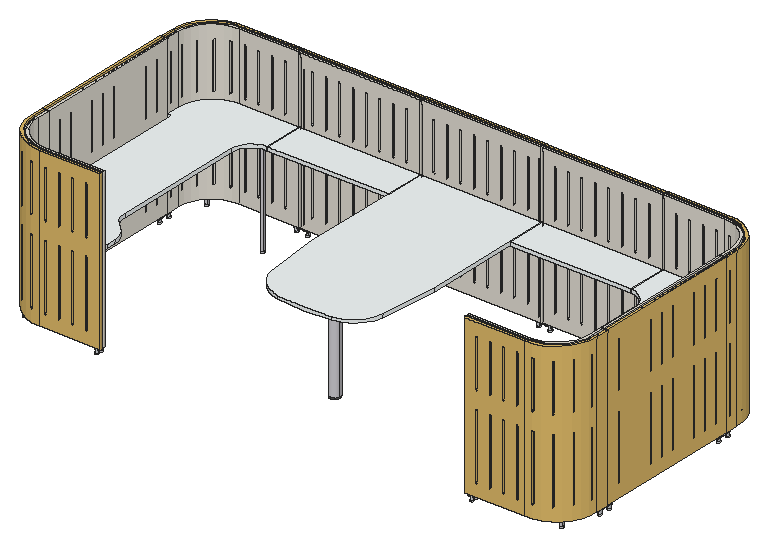
Revit family "1", category Furniture, Revit 2017 (continued)
Forms (mm)
  Extrusion 23, void
    sketch origin (4199.906, 0, 0) x (0, -1, 0) y (0, 0, -1)
      loop
        arc (-307.569, -629.983) -> (-300.068, -637.484) -> (-292.567, -629.983) r 7.501
      loop
        line (-192.567, -629.983) -> (-192.567, -150.07)
        arc (-192.567, -150.07) -> (-200.068, -142.568) -> (-207.569, -150.07) r 7.501
        line (-207.569, -150.07) -> (-207.569, -629.983)
        arc (-207.569, -629.983) -> (-200.068, -637.484) -> (-192.567, -629.983) r 7.501
      loop
        line (-92.567, -629.983) -> (-92.567, -150.07)
        arc (-92.567, -150.07) -> (-100.068, -142.568) -> (-107.569, -150.07) r 7.501
        line (-107.569, -150.07) -> (-107.569, -629.983)
        arc (-107.569, -629.983) -> (-100.068, -637.484) -> (-92.567, -629.983) r 7.501
      loop
        line (-492.499, -629.983) -> (-492.499, -150.07)
        arc (-492.499, -150.07) -> (-500, -142.568) -> (-507.501, -150.07) r 7.501
        line (-507.501, -150.07) -> (-507.501, -629.983)
        arc (-507.501, -629.983) -> (-500, -637.484) -> (-492.499, -629.983) r 7.501
      loop
        line (40.223, -629.983) -> (40.223, -150.07)
        arc (40.223, -150.07) -> (32.722, -142.568) -> (25.22, -150.07) r 7.501
        line (25.22, -150.07) -> (25.22, -629.983)
        arc (25.22, -629.983) -> (32.722, -637.484) -> (40.223, -629.983) r 7.501
      loop
        line (-992.503, -629.983) -> (-992.503, -150.07)
        arc (-992.503, -150.07) -> (-1000.005, -142.568) -> (-1007.506, -150.07) r 7.501
        line (-1007.506, -150.07) -> (-1007.506, -629.983)
        arc (-1007.506, -629.983) -> (-1000.005, -637.484) -> (-992.503, -629.983) r 7.501
      loop
        line (-1125.305, -629.983) -> (-1125.305, -150.07)
        arc (-1125.305, -150.07) -> (-1132.807, -142.568) -> (-1140.308, -150.07) r 7.501
        line (-1140.308, -150.07) -> (-1140.308, -629.983)
        arc (-1140.308, -629.983) -> (-1132.807, -637.484) -> (-1125.305, -629.983) r 7.501
      loop
        line (-592.499, -629.983) -> (-592.499, -150.07)
        arc (-592.499, -150.07) -> (-600, -142.568) -> (-607.501, -150.07) r 7.501
        line (-607.501, -150.07) -> (-607.501, -629.983)
        arc (-607.501, -629.983) -> (-600, -637.484) -> (-592.499, -629.983) r 7.501
      loop
        line (-692.431, -629.983) -> (-692.431, -150.07)
        arc (-692.431, -150.07) -> (-699.932, -142.568) -> (-707.434, -150.07) r 7.501
        line (-707.434, -150.07) -> (-707.434, -629.983)
        arc (-707.434, -629.983) -> (-699.932, -637.484) -> (-692.431, -629.983) r 7.501
      loop
        line (-792.431, -629.983) -> (-792.431, -150.07)
        arc (-792.431, -150.07) -> (-799.932, -142.568) -> (-807.434, -150.07) r 7.501
        line (-807.434, -150.07) -> (-807.434, -629.983)
        arc (-807.434, -629.983) -> (-799.932, -637.484) -> (-792.431, -629.983) r 7.501
      loop
        line (-892.363, -629.983) -> (-892.363, -150.07)
        arc (-892.363, -150.07) -> (-899.865, -142.568) -> (-907.366, -150.07) r 7.501
        line (-907.366, -150.07) -> (-907.366, -629.983)
        arc (-907.366, -629.983) -> (-899.865, -637.484) -> (-892.363, -629.983) r 7.501
      loop
        line (-392.567, -1115.004) -> (-392.567, -770.006)
        arc (-392.567, -770.006) -> (-400.068, -762.505) -> (-407.569, -770.006) r 7.501
        line (-407.569, -770.006) -> (-407.569, -1115.004)
        arc (-407.569, -1115.004) -> (-400.068, -1122.505) -> (-392.567, -1115.004) r 7.501
      loop
        line (-292.567, -1115.004) -> (-292.567, -770.006)
        arc (-292.567, -770.006) -> (-300.068, -762.505) -> (-307.569, -770.006) r 7.501
        line (-307.569, -770.006) -> (-307.569, -1115.004)
        arc (-307.569, -1115.004) -> (-300.068, -1122.505) -> (-292.567, -1115.004) r 7.501
      loop
        line (-192.567, -1115.004) -> (-192.567, -770.006)
        arc (-192.567, -770.006) -> (-200.068, -762.505) -> (-207.569, -770.006) r 7.501
        line (-207.569, -770.006) -> (-207.569, -1115.004)
        arc (-207.569, -1115.004) -> (-200.068, -1122.505) -> (-192.567, -1115.004) r 7.501
      loop
        line (-92.567, -1115.004) -> (-92.567, -770.006)
        arc (-92.567, -770.006) -> (-100.068, -762.505) -> (-107.569, -770.006) r 7.501
        line (-107.569, -770.006) -> (-107.569, -1115.004)
        arc (-107.569, -1115.004) -> (-100.068, -1122.505) -> (-92.567, -1115.004) r 7.501
      loop
        line (-492.499, -1115.004) -> (-492.499, -770.006)
        arc (-492.499, -770.006) -> (-500, -762.505) -> (-507.501, -770.006) r 7.501
        line (-507.501, -770.006) -> (-507.501, -1115.004)
        arc (-507.501, -1115.004) -> (-500, -1122.505) -> (-492.499, -1115.004) r 7.501
      loop
        line (40.223, -1115.004) -> (40.223, -770.006)
        arc (40.223, -770.006) -> (32.722, -762.505) -> (25.22, -770.006) r 7.501
        line (25.22, -770.006) -> (25.22, -1115.004)
        arc (25.22, -1115.004) -> (32.722, -1122.505) -> (40.223, -1115.004) r 7.501
      loop
        line (-992.503, -1115.004) -> (-992.503, -770.006)
        arc (-992.503, -770.006) -> (-1000.005, -762.505) -> (-1007.506, -770.006) r 7.501
        line (-1007.506, -770.006) -> (-1007.506, -1115.004)
        arc (-1007.506, -1115.004) -> (-1000.005, -1122.505) -> (-992.503, -1115.004) r 7.501
      loop
        line (-1125.305, -1115.004) -> (-1125.305, -770.006)
        arc (-1125.305, -770.006) -> (-1132.807, -762.505) -> (-1140.308, -770.006) r 7.501
        line (-1140.308, -770.006) -> (-1140.308, -1115.004)
        arc (-1140.308, -1115.004) -> (-1132.807, -1122.505) -> (-1125.305, -1115.004) r 7.501
      loop
        line (-592.499, -1115.004) -> (-592.499, -770.006)
        arc (-592.499, -770.006) -> (-600, -762.505) -> (-607.501, -770.006) r 7.501
        line (-607.501, -770.006) -> (-607.501, -1115.004)
        arc (-607.501, -1115.004) -> (-600, -1122.505) -> (-592.499, -1115.004) r 7.501
      loop
        line (-692.431, -1115.004) -> (-692.431, -770.006)
        arc (-692.431, -770.006) -> (-699.932, -762.505) -> (-707.434, -770.006) r 7.501
        line (-707.434, -770.006) -> (-707.434, -1115.004)
        arc (-707.434, -1115.004) -> (-699.932, -1122.505) -> (-692.431, -1115.004) r 7.501
      loop
        line (-792.431, -1115.004) -> (-792.431, -770.006)
        arc (-792.431, -770.006) -> (-799.932, -762.505) -> (-807.434, -770.006) r 7.501
        line (-807.434, -770.006) -> (-807.434, -1115.004)
        arc (-807.434, -1115.004) -> (-799.932, -1122.505) -> (-792.431, -1115.004) r 7.501
      loop
        line (-892.363, -1115.004) -> (-892.363, -770.006)
        arc (-892.363, -770.006) -> (-899.865, -762.505) -> (-907.366, -770.006) r 7.501
        line (-907.366, -770.006) -> (-907.366, -1115.004)
        arc (-907.366, -1115.004) -> (-899.865, -1122.505) -> (-892.363, -1115.004) r 7.501
    from -56.79 to 8.324
  Extrusion 24, void
    sketch origin (4265.193, 847.986, 0) x (0.207912, -0.978148, 0) y (0, 0, -1)
      loop
        line (-392.567, -629.983) -> (-392.567, -150.07)
        arc (-392.567, -150.07) -> (-400.068, -142.568) -> (-407.569, -150.07) r 7.501
        line (-407.569, -150.07) -> (-407.569, -629.983)
        arc (-407.569, -629.983) -> (-400.068, -637.484) -> (-392.567, -629.983) r 7.501
      loop
        line (-392.567, -1115.004) -> (-392.567, -770.006)
        arc (-392.567, -770.006) -> (-400.068, -762.505) -> (-407.569, -770.006) r 7.501
        line (-407.569, -770.006) -> (-407.569, -1115.004)
        arc (-407.569, -1115.004) -> (-400.068, -1122.505) -> (-392.567, -1115.004) r 7.501
    from -43.271 to 24.931
  Extrusion 25, void
    sketch origin (4368.413, 1019.125, 0) x (0.57794, -0.816079, 0) y (0, 0, -1)
      loop
        line (-392.567, -629.983) -> (-392.567, -150.07)
        arc (-392.567, -150.07) -> (-400.068, -142.568) -> (-407.569, -150.07) r 7.501
        line (-407.569, -150.07) -> (-407.569, -629.983)
        arc (-407.569, -629.983) -> (-400.068, -637.484) -> (-392.567, -629.983) r 7.501
      loop
        line (-392.567, -1115.004) -> (-392.567, -770.006)
        arc (-392.567, -770.006) -> (-400.068, -762.505) -> (-407.569, -770.006) r 7.501
        line (-407.569, -770.006) -> (-407.569, -1115.004)
        arc (-407.569, -1115.004) -> (-400.068, -1122.505) -> (-392.567, -1115.004) r 7.501
    from -36.752 to 27.862
  Extrusion 26, void
    sketch origin (4386.751, 1194.886, 0) x (0.825932, -0.56377, 0) y (0, 0, -1)
      loop
        line (-392.567, -629.983) -> (-392.567, -150.07)
        arc (-392.567, -150.07) -> (-400.068, -142.568) -> (-407.569, -150.07) r 7.501
        line (-407.569, -150.07) -> (-407.569, -629.983)
        arc (-407.569, -629.983) -> (-400.068, -637.484) -> (-392.567, -629.983) r 7.501
      loop
        line (-392.567, -1115.004) -> (-392.567, -770.006)
        arc (-392.567, -770.006) -> (-400.068, -762.505) -> (-407.569, -770.006) r 7.501
        line (-407.569, -770.006) -> (-407.569, -1115.004)
        arc (-407.569, -1115.004) -> (-400.068, -1122.505) -> (-392.567, -1115.004) r 7.501
    from -28.676 to 32.897
  Extrusion 27, void
    sketch origin (4345.694, 1377.752, 0) x (0.980211, -0.197958, 0) y (0, 0, -1)
      loop
        line (-392.567, -629.983) -> (-392.567, -150.07)
        arc (-392.567, -150.07) -> (-400.068, -142.568) -> (-407.569, -150.07) r 7.501
        line (-407.569, -150.07) -> (-407.569, -629.983)
        arc (-407.569, -629.983) -> (-400.068, -637.484) -> (-392.567, -629.983) r 7.501
      loop
        line (-392.567, -1115.004) -> (-392.567, -770.006)
        arc (-392.567, -770.006) -> (-400.068, -762.505) -> (-407.569, -770.006) r 7.501
        line (-407.569, -770.006) -> (-407.569, -1115.004)
        arc (-407.569, -1115.004) -> (-400.068, -1122.505) -> (-392.567, -1115.004) r 7.501
    from -22.878 to 41.663
  Extrusion 28, void
    sketch origin (4265.194, 252.004, 0) x (0.207912, 0.978148, 0) y (0, 0, 1)
      loop
        arc (-392.567, 629.983) -> (-400.068, 637.484) -> (-407.569, 629.983) r 7.501
        line (-407.569, 629.983) -> (-407.569, 150.07)
        arc (-407.569, 150.07) -> (-400.068, 142.568) -> (-392.567, 150.07) r 7.501
        line (-392.567, 150.07) -> (-392.567, 629.983)
      loop
        arc (-392.567, 1115.004) -> (-400.068, 1122.505) -> (-407.569, 1115.004) r 7.501
        line (-407.569, 1115.004) -> (-407.569, 770.006)
        arc (-407.569, 770.006) -> (-400.068, 762.505) -> (-392.567, 770.006) r 7.501
        line (-392.567, 770.006) -> (-392.567, 1115.004)
    from -43.271 to 24.931
  Extrusion 29, void
    sketch origin (4368.414, 80.865, 0) x (0.57794, 0.816079, 0) y (0, 0, 1)
      loop
        arc (-392.567, 629.983) -> (-400.068, 637.484) -> (-407.569, 629.983) r 7.501
        line (-407.569, 629.983) -> (-407.569, 150.07)
        arc (-407.569, 150.07) -> (-400.068, 142.568) -> (-392.567, 150.07) r 7.501
        line (-392.567, 150.07) -> (-392.567, 629.983)
      loop
        arc (-392.567, 1115.004) -> (-400.068, 1122.505) -> (-407.569, 1115.004) r 7.501
        line (-407.569, 1115.004) -> (-407.569, 770.07)
        arc (-407.569, 770.07) -> (-400.068, 762.568) -> (-392.567, 770.07) r 7.501
        line (-392.567, 770.07) -> (-392.567, 1115.004)
    from -36.752 to 27.862
  Extrusion 30, void
    sketch origin (4386.752, -94.896, 0) x (0.825932, 0.56377, 0) y (0, 0, 1)
      loop
        arc (-392.567, 629.983) -> (-400.068, 637.484) -> (-407.569, 629.983) r 7.501
        line (-407.569, 629.983) -> (-407.569, 150.07)
        arc (-407.569, 150.07) -> (-400.068, 142.568) -> (-392.567, 150.07) r 7.501
        line (-392.567, 150.07) -> (-392.567, 629.983)
      loop
        arc (-392.567, 1115.004) -> (-400.068, 1122.505) -> (-407.569, 1115.004) r 7.501
        line (-407.569, 1115.004) -> (-407.569, 770.006)
        arc (-407.569, 770.006) -> (-400.068, 762.505) -> (-392.567, 770.006) r 7.501
        line (-392.567, 770.006) -> (-392.567, 1115.004)
    from -28.676 to 32.897
  Extrusion 31, void
    sketch origin (4345.695, -277.762, 0) x (0.980211, 0.197958, 0) y (0, 0, 1)
      loop
        arc (-392.567, 629.983) -> (-400.068, 637.484) -> (-407.569, 629.983) r 7.501
        line (-407.569, 629.983) -> (-407.569, 150.07)
        arc (-407.569, 150.07) -> (-400.068, 142.568) -> (-392.567, 150.07) r 7.501
        line (-392.567, 150.07) -> (-392.567, 629.983)
      loop
        arc (-392.567, 1115.004) -> (-400.068, 1122.505) -> (-407.569, 1115.004) r 7.501
        line (-407.569, 1115.004) -> (-407.569, 770.006)
        arc (-407.569, 770.006) -> (-400.068, 762.505) -> (-392.567, 770.006) r 7.501
        line (-392.567, 770.006) -> (-392.567, 1115.004)
    from -22.878 to 41.663
  Extrusion 32, solid, material "okm_MG99" <- "Desktop"
    sketch origin (-3418.497, -2410.034, 0) x (1, 0, 0) y (0, 1, 0)
      loop
        line (4168.497, 3560.034) -> (5068.497, 3560.034) -> (5068.497, 3860.034) -> (4168.497, 3860.034) -> (4168.497, 3560.034)
      loop
        line (5968.497, 3560.034) -> (6868.497, 3560.034) -> (6868.497, 3860.034) -> (5968.497, 3860.034) -> (5968.497, 3560.034)
    from 695 to 720
  Extrusion 33, solid, material "okm_Z637" <- "Leg"
    sketch origin (900.026, -3157.951, 0) x (-1, 0, 0) y (0, -1, 0)
      loop
        circle (-1200, -3250) r 38
    from 12.083 to 695
  Extrusion 34, solid, material "okm_G155"
    sketch origin (900.026, -3157.951, -715) x (-1, 0, 0) y (0, -1, 0)
      loop
        circle (-1200, -3250) r 38
    from 715 to 727.083
Cuts and joins
  Extrusion 7, Extrusion 8, Extrusion 9, Extrusion 10, Extrusion 11, Extrusion 12, Extrusion 18, Extrusion 19, Extrusion 20, Extrusion 21, Extrusion 22, Extrusion 23, Extrusion 24, Extrusion 25, Extrusion 26, Extrusion 27, Extrusion 28, Extrusion 29, Extrusion 30, Extrusion 31 cuts Extrusion 1
  Extrusion 7, Extrusion 8, Extrusion 9, Extrusion 10, Extrusion 11, Extrusion 12, Extrusion 18, Extrusion 19, Extrusion 20, Extrusion 21, Extrusion 22, Extrusion 23, Extrusion 24, Extrusion 25, Extrusion 26, Extrusion 27, Extrusion 28, Extrusion 29, Extrusion 30, Extrusion 31 cuts Extrusion 15
Lines and regions (mm)
  Masking region 1
    outline origin (-5448.528, 3465.819, 0) x (1, 0, 0) y (0, 1, 0)
      loop
        line (6198.528, -1965.819) -> (5748.528, -1965.819)
        arc (5748.528, -1965.819) -> (5536.395, -2053.687) -> (5448.528, -2265.819) r 300
        line (5448.528, -2265.819) -> (5448.528, -2365.819) -> (5448.528, -3465.819) -> (5448.528, -3565.819)
        arc (5448.528, -3565.819) -> (5536.395, -3777.951) -> (5748.528, -3865.819) r 300
        line (5748.528, -3865.819) -> (6198.528, -3865.819) -> (6198.528, -3847.819) -> (6173.528, -3847.819) -> (6173.528, -3833.819) -> (6198.528, -3833.819) -> (6198.528, -3815.819) -> (6178.588, -3815.819)
        arc (6178.588, -3815.819) -> (6192.691, -3809.94) -> (6198.528, -3795.819) r 20
        line (6198.528, -3795.819) -> (6198.528, -3727.951)
        arc (6198.528, -3727.951) -> (6187.109, -3670.549) -> (6154.594, -3621.885) r 150
        line (6154.594, -3621.885) -> (6092.461, -3559.753)
        arc (6092.461, -3559.753) -> (6059.946, -3511.09) -> (6048.528, -3453.687) r 150
        line (6048.528, -3453.687) -> (6048.528, -2465.819)
        arc (6048.528, -2465.819) -> (6092.461, -2359.753) -> (6198.528, -2315.819) r 150
        line (6198.528, -2315.819) -> (7098.528, -2315.819) -> (7098.528, -2613.819)
        arc (7098.528, -2613.819) -> (7108.2, -3030.656) -> (7137.254, -3446.591) r 8960.318
        arc (7137.254, -3446.591) -> (7209.909, -3582.32) -> (7348.309, -3649.746) r 250
        arc (7348.309, -3649.746) -> (7548.528, -3663.819) -> (7748.746, -3649.746) r 1431.25
        arc (7748.746, -3649.746) -> (7887.146, -3582.32) -> (7959.801, -3446.591) r 250
        arc (7959.801, -3446.591) -> (7988.855, -3030.656) -> (7998.528, -2613.819) r 8960.318
        line (7998.528, -2613.819) -> (7998.528, -2315.819) -> (8898.528, -2315.819)
        arc (8898.528, -2315.819) -> (9004.594, -2359.753) -> (9048.528, -2465.819) r 150
        line (9048.528, -2465.819) -> (9048.528, -3453.687)
        arc (9048.528, -3453.687) -> (9037.109, -3511.09) -> (9004.594, -3559.753) r 150
        line (9004.594, -3559.753) -> (8942.461, -3621.885)
        arc (8942.461, -3621.885) -> (8909.946, -3670.549) -> (8898.528, -3727.951) r 150
        line (8898.528, -3727.951) -> (8898.528, -3795.819)
        arc (8898.528, -3795.819) -> (8904.385, -3809.961) -> (8918.527, -3815.819) r 20
        line (8918.527, -3815.819) -> (8898.528, -3815.819) -> (8898.528, -3833.819) -> (8923.528, -3833.819) -> (8923.528, -3847.819) -> (8898.528, -3847.819) -> (8898.528, -3865.819) -> (9348.528, -3865.819)
        arc (9348.528, -3865.819) -> (9560.66, -3777.951) -> (9648.528, -3565.819) r 300
        line (9648.528, -3565.819) -> (9648.528, -3465.819) -> (9648.528, -2365.819) -> (9648.528, -2265.819)
        arc (9648.528, -2265.819) -> (9560.66, -2053.687) -> (9348.528, -1965.819) r 300
        line (9348.528, -1965.819) -> (8898.528, -1965.819) -> (7998.528, -1965.819) -> (7098.528, -1965.819) -> (6198.528, -1965.819)
  symbolic lines, style "okm_標準・詳細", detail levels medium+fine
    curve 1: line (750, 1482, 0) -> (750, 1500, 0)
    curve 2: line (725, 1482, 0) -> (725, 1468, 0)
    curve 3: line (750, 1450, 0) -> (750, 1468, 0)
    curve 4: line (775, 1482, 0) -> (775, 1468, 0)
    curve 5: line (1650, 1450, 0) -> (750, 1450, 0)
    curve 6: line (1650, 1468, 0) -> (750, 1468, 0)
    curve 7: line (1650, 1482, 0) -> (750, 1482, 0)
    curve 8: line (1650, 1500, 0) -> (750, 1500, 0)
    curve 9: line (750, 1500, 0) -> (300, 1500, 0)
    curve 10: line (300, 1482, 0) -> (750, 1482, 0)
    curve 11: line (750, 1468, 0) -> (300, 1468, 0)
    curve 12: line (300, 1450, 0) -> (750, 1450, 0)
    curve 13: line (750, 1450, 0) -> (750, 1150, 0)
    curve 14: arc (300, 1450, 0) -> (123.223, 1376.777, 0) -> (50, 1200, 0) r 250
    curve 15: arc (300, 1468, 0) -> (110.495, 1389.505, 0) -> (32, 1200, 0) r 268
    curve 16: arc (300, 1500, 0) -> (87.868, 1412.132, 0) -> (0, 1200, 0) r 300
    curve 17: arc (300, 1482, 0) -> (100.596, 1399.404, 0) -> (18, 1200, 0) r 282
    curve 18: line (50, 1100, 0) -> (50, 1200, 0)
    curve 19: line (32, 1200, 0) -> (32, 1100, 0)
    curve 20: line (18, 1100, 0) -> (18, 1200, 0)
    curve 21: line (0, 1100, 0) -> (0, 1200, 0)
    curve 22: line (32, 1100, 0) -> (50, 1100, 0)
    curve 23: line (18, 1100, 0) -> (0, 1100, 0)
    curve 24: line (0, 0, 0) -> (0, 1100, 0)
    curve 25: line (18, 0, 0) -> (18, 1100, 0)
    curve 26: line (32, 1100, 0) -> (32, 0, 0)
    curve 27: line (50, 0, 0) -> (50, 1100, 0)
    curve 28: line (75, 1090.065, 0) -> (50, 1090.065, 0)
    curve 29: arc (90, 1075.065, 0) -> (85.607, 1085.672, 0) -> (75, 1090.065, 0) r 15
    curve 30: line (90, 24.935, 0) -> (90, 1075.065, 0)
    curve 31: arc (750, 1150, 0) -> (643.934, 1106.066, 0) -> (600, 1000, 0) r 150
    curve 32: line (600, 12.132, 0) -> (600, 1000, 0)
    curve 33: line (750, 1150, 0) -> (1650, 1150, 0)
    curve 34: line (75, 9.935, 0) -> (50, 9.935, 0)
    curve 35: arc (75, 9.935, 0) -> (85.607, 14.328, 0) -> (90, 24.935, 0) r 15
    curve 36: line (32, 0, 0) -> (50, 0, 0)
    curve 37: line (0, 0, 0) -> (18, 0, 0)
    curve 38: line (0, -100, 0) -> (0, 0, 0)
    curve 39: line (18, -100, 0) -> (18, 0, 0)
    curve 40: line (50, 0, 0) -> (50, -100, 0)
    curve 41: line (32, -100, 0) -> (32, 0, 0)
    curve 42: arc (50, -100, 0) -> (123.223, -276.777, 0) -> (300, -350, 0) r 250
    curve 43: arc (32, -100, 0) -> (110.495, -289.505, 0) -> (300, -368, 0) r 268
    curve 44: arc (18, -100, 0) -> (100.596, -299.404, 0) -> (300, -382, 0) r 282
    curve 45: arc (0, -100, 0) -> (87.868, -312.132, 0) -> (300, -400, 0) r 300
    curve 46: line (750, -400, 0) -> (300, -400, 0)
    curve 47: line (300, -382, 0) -> (750, -382, 0)
    curve 48: line (750, -368, 0) -> (300, -368, 0)
    curve 49: line (300, -350, 0) -> (750, -350, 0)
    curve 50: line (750, -382, 0) -> (750, -400, 0)
    curve 51: line (725, -368, 0) -> (725, -382, 0)
    curve 52: line (750, -350, 0) -> (750, -368, 0)
    curve 53: arc (730, -350, 0) -> (744.142, -344.142, 0) -> (750, -330, 0) r 20
    curve 54: line (750, -330, 0) -> (750, -262.132, 0)
    curve 55: arc (750, -262.132, 0) -> (738.582, -204.73, 0) -> (706.066, -156.066, 0) r 150
    curve 56: line (706.066, -156.066, 0) -> (643.934, -93.934, 0)
    curve 57: line (600, 12.132, 0) -> (600, 1000, 0)
    curve 58: arc (600, 12.132, 0) -> (611.418, -45.271, 0) -> (643.934, -93.934, 0) r 150
    curve 59: arc (1688.726, 19.228, 0) -> (1659.673, 435.163, 0) -> (1650, 852, 0) r 8960.318
    curve 60: line (1650, 852, 0) -> (1650, 1450, 0)
    curve 61: arc (1899.782, -183.927, 0) -> (1761.381, -116.501, 0) -> (1688.726, 19.228, 0) r 250
    curve 62: arc (2300.218, -183.927, 0) -> (2100, -198, 0) -> (1899.782, -183.927, 0) r 1431.25
    curve 63: arc (2511.274, 19.228, 0) -> (2438.619, -116.501, 0) -> (2300.218, -183.927, 0) r 250
    curve 64: arc (2550, 852, 0) -> (2540.327, 435.163, 0) -> (2511.274, 19.228, 0) r 8960.318
    curve 65: line (2550, 1450, 0) -> (2550, 852, 0)
    curve 66: line (1625, 1482, 0) -> (1625, 1468, 0)
    curve 67: line (1650, 1450, 0) -> (1650, 1468, 0)
    curve 68: line (1650, 1500, 0) -> (1650, 1482, 0)
    curve 69: line (1675, 1482, 0) -> (1675, 1468, 0)
    curve 70: line (2550, 1450, 0) -> (1650, 1450, 0)
    curve 71: line (1650, 1468, 0) -> (2550, 1468, 0)
    curve 72: line (2550, 1482, 0) -> (1650, 1482, 0)
    curve 73: line (2550, 1500, 0) -> (1650, 1500, 0)
    curve 74: line (3450, 1150, 0) -> (2550, 1150, 0)
    curve 75: line (2550, 1500, 0) -> (2550, 1482, 0)
    curve 76: line (2525, 1482, 0) -> (2525, 1468, 0)
    curve 77: line (2550, 1468, 0) -> (2550, 1450, 0)
    curve 78: line (2575, 1482, 0) -> (2575, 1468, 0)
    curve 79: line (3450, 1450, 0) -> (2550, 1450, 0)
    curve 80: line (2550, 1468, 0) -> (3450, 1468, 0)
    curve 81: line (3450, 1482, 0) -> (2550, 1482, 0)
    curve 82: line (3450, 1500, 0) -> (2550, 1500, 0)
    curve 83: line (3450, 1450, 0) -> (3450, 1150, 0)
    curve 84: line (3450, 1468, 0) -> (3450, 1450, 0)
    curve 85: line (3425, 1482, 0) -> (3425, 1468, 0)
    curve 86: line (3450, 1482, 0) -> (3450, 1500, 0)
    curve 87: line (3475, 1482, 0) -> (3475, 1468, 0)
    curve 88: line (3900, 1450, 0) -> (3450, 1450, 0)
    curve 89: line (3450, 1468, 0) -> (3900, 1468, 0)
    curve 90: line (3900, 1482, 0) -> (3450, 1482, 0)
    curve 91: line (3450, 1500, 0) -> (3900, 1500, 0)
    curve 92: arc (3600, 1000, 0) -> (3556.066, 1106.066, 0) -> (3450, 1150, 0) r 150
    curve 93: line (3600, 12.132, 0) -> (3600, 1000, 0)
    curve 94: arc (4150, 1200, 0) -> (4076.777, 1376.777, 0) -> (3900, 1450, 0) r 250
    curve 95: arc (4168, 1200, 0) -> (4089.505, 1389.505, 0) -> (3900, 1468, 0) r 268
    curve 96: arc (4182, 1200, 0) -> (4099.404, 1399.404, 0) -> (3900, 1482, 0) r 282
    curve 97: arc (4200, 1200, 0) -> (4112.132, 1412.132, 0) -> (3900, 1500, 0) r 300
    curve 98: line (4200, 1100, 0) -> (4200, 1200, 0)
    curve 99: line (4182, 1100, 0) -> (4182, 1200, 0)
    curve 100: line (4168, 1200, 0) -> (4168, 1100, 0)
    curve 101: line (4150, 1100, 0) -> (4150, 1200, 0)
    curve 102: line (4182, 1100, 0) -> (4200, 1100, 0)
    curve 103: line (4168, 1100, 0) -> (4150, 1100, 0)
    curve 104: line (4125, 1090.065, 0) -> (4150, 1090.065, 0)
    curve 105: arc (4125, 1090.065, 0) -> (4114.393, 1085.672, 0) -> (4110, 1075.065, 0) r 15
    curve 106: line (4110, 24.935, 0) -> (4110, 1075.065, 0)
    curve 107: line (4150, 0, 0) -> (4150, 1100, 0)
    curve 108: line (4168, 1100, 0) -> (4168, 0, 0)
    curve 109: line (4182, 0, 0) -> (4182, 1100, 0)
    curve 110: line (4200, 0, 0) -> (4200, 1100, 0)
    curve 111: arc (3556.066, -93.934, 0) -> (3588.582, -45.271, 0) -> (3600, 12.132, 0) r 150
    curve 112: line (3493.934, -156.066, 0) -> (3556.066, -93.934, 0)
    curve 113: arc (3493.934, -156.066, 0) -> (3461.418, -204.73, 0) -> (3450, -262.132, 0) r 150
    curve 114: line (3450, -330, 0) -> (3450, -262.132, 0)
    curve 115: arc (4110, 24.935, 0) -> (4114.393, 14.328, 0) -> (4125, 9.935, 0) r 15
    curve 116: line (4125, 9.935, 0) -> (4150, 9.935, 0)
    curve 117: line (4168, 0, 0) -> (4150, 0, 0)
    curve 118: line (4200, 0, 0) -> (4182, 0, 0)
    curve 119: arc (3450, -330, 0) -> (3455.858, -344.142, 0) -> (3470, -350, 0) r 20
    curve 120: line (3900, -350, 0) -> (3450, -350, 0)
    curve 121: line (3450, -350, 0) -> (3450, -368, 0)
    curve 122: line (3450, -368, 0) -> (3900, -368, 0)
    curve 123: line (3475, -368, 0) -> (3475, -382, 0)
    curve 124: line (3900, -382, 0) -> (3450, -382, 0)
    curve 125: line (3450, -382, 0) -> (3450, -400, 0)
    curve 126: line (3450, -400, 0) -> (3900, -400, 0)
    curve 127: arc (3900, -400, 0) -> (4112.132, -312.132, 0) -> (4200, -100, 0) r 300
    curve 128: arc (3900, -382, 0) -> (4099.404, -299.404, 0) -> (4182, -100, 0) r 282
    curve 129: arc (3900, -368, 0) -> (4089.505, -289.505, 0) -> (4168, -100, 0) r 268
    curve 130: arc (3900, -350, 0) -> (4076.777, -276.777, 0) -> (4150, -100, 0) r 250
    curve 131: line (4200, -100, 0) -> (4200, 0, 0)
    curve 132: line (4182, -100, 0) -> (4182, 0, 0)
    curve 133: line (4168, 0, 0) -> (4168, -100, 0)
    curve 134: line (4150, -100, 0) -> (4150, 0, 0)
  symbolic lines, style "okm_簡略", detail levels coarse
    curve 135: line (750, 1482, 0) -> (750, 1500, 0)
    curve 136: line (725, 1482, 0) -> (725, 1468, 0)
    curve 137: line (750, 1450, 0) -> (750, 1468, 0)
    curve 138: line (775, 1482, 0) -> (775, 1468, 0)
    curve 139: line (1650, 1450, 0) -> (750, 1450, 0)
    curve 140: line (1650, 1468, 0) -> (750, 1468, 0)
    curve 141: line (1650, 1482, 0) -> (750, 1482, 0)
    curve 142: line (1650, 1500, 0) -> (750, 1500, 0)
    curve 143: line (750, 1500, 0) -> (300, 1500, 0)
    curve 144: line (300, 1482, 0) -> (750, 1482, 0)
    curve 145: line (750, 1468, 0) -> (300, 1468, 0)
    curve 146: line (300, 1450, 0) -> (750, 1450, 0)
    curve 147: line (750, 1450, 0) -> (750, 1150, 0)
    curve 148: arc (300, 1450, 0) -> (123.223, 1376.777, 0) -> (50, 1200, 0) r 250
    curve 149: arc (300, 1468, 0) -> (110.495, 1389.505, 0) -> (32, 1200, 0) r 268
    curve 150: arc (300, 1500, 0) -> (87.868, 1412.132, 0) -> (0, 1200, 0) r 300
    curve 151: arc (300, 1482, 0) -> (100.596, 1399.404, 0) -> (18, 1200, 0) r 282
    curve 152: line (50, 1100, 0) -> (50, 1200, 0)
    curve 153: line (32, 1200, 0) -> (32, 1100, 0)
    curve 154: line (18, 1100, 0) -> (18, 1200, 0)
    curve 155: line (0, 1100, 0) -> (0, 1200, 0)
    curve 156: line (32, 1100, 0) -> (50, 1100, 0)
    curve 157: line (18, 1100, 0) -> (0, 1100, 0)
    curve 158: line (0, 0, 0) -> (0, 1100, 0)
    curve 159: line (18, 0, 0) -> (18, 1100, 0)
    curve 160: line (32, 1100, 0) -> (32, 0, 0)
    curve 161: line (50, 0, 0) -> (50, 1100, 0)
    curve 162: line (75, 1090.065, 0) -> (50, 1090.065, 0)
    curve 163: arc (90, 1075.065, 0) -> (85.607, 1085.672, 0) -> (75, 1090.065, 0) r 15
    curve 164: line (90, 24.935, 0) -> (90, 1075.065, 0)
    curve 165: arc (750, 1150, 0) -> (643.934, 1106.066, 0) -> (600, 1000, 0) r 150
    curve 166: line (600, 12.132, 0) -> (600, 1000, 0)
    curve 167: line (750, 1150, 0) -> (1650, 1150, 0)
    curve 168: line (75, 9.935, 0) -> (50, 9.935, 0)
    curve 169: arc (75, 9.935, 0) -> (85.607, 14.328, 0) -> (90, 24.935, 0) r 15
    curve 170: line (32, 0, 0) -> (50, 0, 0)
    curve 171: line (0, 0, 0) -> (18, 0, 0)
    curve 172: line (0, -100, 0) -> (0, 0, 0)
    curve 173: line (18, -100, 0) -> (18, 0, 0)
    curve 174: line (50, 0, 0) -> (50, -100, 0)
    curve 175: line (32, -100, 0) -> (32, 0, 0)
    curve 176: arc (50, -100, 0) -> (123.223, -276.777, 0) -> (300, -350, 0) r 250
    curve 177: arc (32, -100, 0) -> (110.495, -289.505, 0) -> (300, -368, 0) r 268
    curve 178: arc (18, -100, 0) -> (100.596, -299.404, 0) -> (300, -382, 0) r 282
    curve 179: arc (0, -100, 0) -> (87.868, -312.132, 0) -> (300, -400, 0) r 300
    curve 180: line (750, -400, 0) -> (300, -400, 0)
    curve 181: line (300, -382, 0) -> (750, -382, 0)
    curve 182: line (750, -368, 0) -> (300, -368, 0)
    curve 183: line (300, -350, 0) -> (750, -350, 0)
    curve 184: line (750, -382, 0) -> (750, -400, 0)
    curve 185: line (725, -368, 0) -> (725, -382, 0)
    curve 186: line (750, -350, 0) -> (750, -368, 0)
    curve 187: arc (730, -350, 0) -> (744.142, -344.142, 0) -> (750, -330, 0) r 20
    curve 188: line (750, -330, 0) -> (750, -262.132, 0)
    curve 189: arc (750, -262.132, 0) -> (738.582, -204.73, 0) -> (706.066, -156.066, 0) r 150
    curve 190: line (706.066, -156.066, 0) -> (643.934, -93.934, 0)
    curve 191: line (600, 12.132, 0) -> (600, 1000, 0)
    curve 192: arc (600, 12.132, 0) -> (611.418, -45.271, 0) -> (643.934, -93.934, 0) r 150
    curve 193: arc (1688.726, 19.228, 0) -> (1659.673, 435.163, 0) -> (1650, 852, 0) r 8960.318
    curve 194: line (1650, 852, 0) -> (1650, 1450, 0)
    curve 195: arc (1899.782, -183.927, 0) -> (1761.381, -116.501, 0) -> (1688.726, 19.228, 0) r 250
    curve 196: arc (2300.218, -183.927, 0) -> (2100, -198, 0) -> (1899.782, -183.927, 0) r 1431.25
    curve 197: arc (2511.274, 19.228, 0) -> (2438.619, -116.501, 0) -> (2300.218, -183.927, 0) r 250
    curve 198: arc (2550, 852, 0) -> (2540.327, 435.163, 0) -> (2511.274, 19.228, 0) r 8960.318
    curve 199: line (2550, 1450, 0) -> (2550, 852, 0)
    curve 200: line (1625, 1482, 0) -> (1625, 1468, 0)
    curve 201: line (1650, 1450, 0) -> (1650, 1468, 0)
    curve 202: line (1650, 1500, 0) -> (1650, 1482, 0)
    curve 203: line (1675, 1482, 0) -> (1675, 1468, 0)
    curve 204: line (2550, 1450, 0) -> (1650, 1450, 0)
    curve 205: line (1650, 1468, 0) -> (2550, 1468, 0)
    curve 206: line (2550, 1482, 0) -> (1650, 1482, 0)
    curve 207: line (2550, 1500, 0) -> (1650, 1500, 0)
    curve 208: line (3450, 1150, 0) -> (2550, 1150, 0)
    curve 209: line (2550, 1500, 0) -> (2550, 1482, 0)
    curve 210: line (2525, 1482, 0) -> (2525, 1468, 0)
    curve 211: line (2550, 1468, 0) -> (2550, 1450, 0)
    curve 212: line (2575, 1482, 0) -> (2575, 1468, 0)
    curve 213: line (3450, 1450, 0) -> (2550, 1450, 0)
    curve 214: line (2550, 1468, 0) -> (3450, 1468, 0)
    curve 215: line (3450, 1482, 0) -> (2550, 1482, 0)
    curve 216: line (3450, 1500, 0) -> (2550, 1500, 0)
    curve 217: line (3450, 1450, 0) -> (3450, 1150, 0)
    curve 218: line (3450, 1468, 0) -> (3450, 1450, 0)
    curve 219: line (3425, 1482, 0) -> (3425, 1468, 0)
    curve 220: line (3450, 1482, 0) -> (3450, 1500, 0)
    curve 221: line (3475, 1482, 0) -> (3475, 1468, 0)
    curve 222: line (3900, 1450, 0) -> (3450, 1450, 0)
    curve 223: line (3450, 1468, 0) -> (3900, 1468, 0)
    curve 224: line (3900, 1482, 0) -> (3450, 1482, 0)
    curve 225: line (3450, 1500, 0) -> (3900, 1500, 0)
    curve 226: arc (3600, 1000, 0) -> (3556.066, 1106.066, 0) -> (3450, 1150, 0) r 150
    curve 227: line (3600, 12.132, 0) -> (3600, 1000, 0)
    curve 228: arc (4150, 1200, 0) -> (4076.777, 1376.777, 0) -> (3900, 1450, 0) r 250
    curve 229: arc (4168, 1200, 0) -> (4089.505, 1389.505, 0) -> (3900, 1468, 0) r 268
    curve 230: arc (4182, 1200, 0) -> (4099.404, 1399.404, 0) -> (3900, 1482, 0) r 282
    curve 231: arc (4200, 1200, 0) -> (4112.132, 1412.132, 0) -> (3900, 1500, 0) r 300
    curve 232: line (4200, 1100, 0) -> (4200, 1200, 0)
    curve 233: line (4182, 1100, 0) -> (4182, 1200, 0)
    curve 234: line (4168, 1200, 0) -> (4168, 1100, 0)
    curve 235: line (4150, 1100, 0) -> (4150, 1200, 0)
    curve 236: line (4182, 1100, 0) -> (4200, 1100, 0)
    curve 237: line (4168, 1100, 0) -> (4150, 1100, 0)
    curve 238: line (4125, 1090.065, 0) -> (4150, 1090.065, 0)
    curve 239: arc (4125, 1090.065, 0) -> (4114.393, 1085.672, 0) -> (4110, 1075.065, 0) r 15
    curve 240: line (4110, 24.935, 0) -> (4110, 1075.065, 0)
    curve 241: line (4150, 0, 0) -> (4150, 1100, 0)
    curve 242: line (4168, 1100, 0) -> (4168, 0, 0)
    curve 243: line (4182, 0, 0) -> (4182, 1100, 0)
    curve 244: line (4200, 0, 0) -> (4200, 1100, 0)
    curve 245: arc (3556.066, -93.934, 0) -> (3588.582, -45.271, 0) -> (3600, 12.132, 0) r 150
    curve 246: line (3493.934, -156.066, 0) -> (3556.066, -93.934, 0)
    curve 247: arc (3493.934, -156.066, 0) -> (3461.418, -204.73, 0) -> (3450, -262.132, 0) r 150
    curve 248: line (3450, -330, 0) -> (3450, -262.132, 0)
    curve 249: arc (4110, 24.935, 0) -> (4114.393, 14.328, 0) -> (4125, 9.935, 0) r 15
    curve 250: line (4125, 9.935, 0) -> (4150, 9.935, 0)
    curve 251: line (4168, 0, 0) -> (4150, 0, 0)
    curve 252: line (4200, 0, 0) -> (4182, 0, 0)
    curve 253: arc (3450, -330, 0) -> (3455.858, -344.142, 0) -> (3470, -350, 0) r 20
    curve 254: line (3900, -350, 0) -> (3450, -350, 0)
    curve 255: line (3450, -350, 0) -> (3450, -368, 0)
    curve 256: line (3450, -368, 0) -> (3900, -368, 0)
    curve 257: line (3475, -368, 0) -> (3475, -382, 0)
    curve 258: line (3900, -382, 0) -> (3450, -382, 0)
    curve 259: line (3450, -382, 0) -> (3450, -400, 0)
    curve 260: line (3450, -400, 0) -> (3900, -400, 0)
    curve 261: arc (3900, -400, 0) -> (4112.132, -312.132, 0) -> (4200, -100, 0) r 300
    curve 262: arc (3900, -382, 0) -> (4099.404, -299.404, 0) -> (4182, -100, 0) r 282
    curve 263: arc (3900, -368, 0) -> (4089.505, -289.505, 0) -> (4168, -100, 0) r 268
    curve 264: arc (3900, -350, 0) -> (4076.777, -276.777, 0) -> (4150, -100, 0) r 250
    curve 265: line (4200, -100, 0) -> (4200, 0, 0)
    curve 266: line (4182, -100, 0) -> (4182, 0, 0)
    curve 267: line (4168, 0, 0) -> (4168, -100, 0)
    curve 268: line (4150, -100, 0) -> (4150, 0, 0)
Dimensions and locks
  "H": plane 5 "Top" to level
  plane 8 to plane 1 "Front" = 50.0 mm
  plane 6 "Back" to plane 7 = 50.0 mm
  "D": plane 3 "Left" to plane 4 "Right"
  "W": plane 1 "Front" to plane 6 "Back"
  aligned and locked: level to plane 2
Automatic sketch dimensions
  Extrusion 1 sketch curve to Extrusion 1 sketch curve = 0.0 mm  (x25)
  Extrusion 1 sketch curve to Extrusion 1 sketch curve = 8.944 mm  (x9)
  Extrusion 1 sketch curve to Extrusion 1 sketch curve = 9.056 mm  (x5)
  Extrusion 1 sketch curve to Extrusion 1 sketch curve = 438.2 mm  (x3)
  Extrusion 1 sketch curve to Extrusion 1 sketch curve = 7.515 mm  (x13)
  Extrusion 1 sketch curve to Extrusion 1 sketch curve = 8.698 mm  (x4)
  Extrusion 1 sketch curve to Extrusion 1 sketch curve = 8.964 mm  (x4)
  Extrusion 1 sketch curve to Extrusion 1 sketch curve = 876.006 mm  (x2)
  Extrusion 1 sketch curve to Extrusion 1 sketch curve = 7.648 mm  (x6)
  Extrusion 1 sketch curve to Extrusion 1 sketch curve = 0.133 mm
  Extrusion 1 sketch curve to Extrusion 1 sketch curve = 8.553 mm  (x2)
  Extrusion 1 sketch curve to Extrusion 1 sketch curve = 112.038 mm  (x2)
  Extrusion 1 sketch curve to Extrusion 1 sketch curve = 8.331 mm  (x2)
  Extrusion 1 sketch curve to Extrusion 1 sketch curve = 8.597 mm  (x2)
  Extrusion 2 sketch curve to Extrusion 2 sketch curve = 599.51 mm
  Extrusion 2 sketch curve to Extrusion 2 sketch curve = 599.523 mm
  Extrusion 3 sketch curve to Extrusion 3 sketch curve = 599.578 mm  (x2)
  Extrusion 3 sketch curve to Extrusion 3 sketch curve = 599.479 mm  (x2)
  Extrusion 6 sketch curve to Extrusion 6 sketch curve = 14.0 mm  (x8)
  Extrusion 6 sketch curve to Extrusion 6 sketch curve = 50.0 mm
  Extrusion 6 sketch curve to Extrusion 6 sketch curve = 848.949 mm
  Extrusion 6 sketch curve to Extrusion 6 sketch curve = 48.962 mm  (x7)
  Extrusion 6 sketch curve to Extrusion 6 sketch curve = 852.077 mm
  Extrusion 14 sketch curve to Extrusion 14 sketch curve = 0.0 mm  (x24)
  Extrusion 14 sketch curve to Extrusion 14 sketch curve = 13.0 mm  (x9)
  Extrusion 14 sketch curve to Extrusion 14 sketch curve = 425.053 mm  (x3)
  Extrusion 14 sketch curve to Extrusion 14 sketch curve = 50.0 mm  (x4)
  Extrusion 14 sketch curve to Extrusion 14 sketch curve = 850.0 mm  (x2)
  Extrusion 14 sketch curve to Extrusion 14 sketch curve = 125.106 mm  (x2)
  Extrusion 14 sketch curve to Extrusion 14 sketch curve = 50.106 mm  (x4)
  Extrusion 15 sketch curve to Extrusion 15 sketch curve = 0.0 mm  (x24)
  Extrusion 15 sketch curve to Extrusion 15 sketch curve = 18.0 mm  (x4)
  Extrusion 15 sketch curve to Extrusion 15 sketch curve = 9.056 mm  (x8)
  Extrusion 15 sketch curve to Extrusion 15 sketch curve = 438.201 mm  (x2)
  Extrusion 15 sketch curve to Extrusion 15 sketch curve = 7.515 mm  (x11)
  Extrusion 15 sketch curve to Extrusion 15 sketch curve = 8.698 mm  (x4)
  Extrusion 15 sketch curve to Extrusion 15 sketch curve = 8.964 mm  (x4)
  Extrusion 15 sketch curve to Extrusion 15 sketch curve = 876.001 mm
  Extrusion 15 sketch curve to Extrusion 15 sketch curve = 7.648 mm  (x8)
  Extrusion 15 sketch curve to Extrusion 15 sketch curve = 875.968 mm
  Extrusion 15 sketch curve to Extrusion 15 sketch curve = 0.133 mm
  Extrusion 15 sketch curve to Extrusion 15 sketch curve = 8.239 mm
  Extrusion 15 sketch curve to Extrusion 15 sketch curve = 8.543 mm  (x2)
  Extrusion 15 sketch curve to Extrusion 15 sketch curve = 111.984 mm  (x2)
  Extrusion 15 sketch curve to Extrusion 15 sketch curve = 8.276 mm  (x2)
  Extrusion 15 sketch curve to Extrusion 15 sketch curve = 8.313 mm
  Extrusion 15 sketch curve to Extrusion 15 sketch curve = 8.58 mm
  Extrusion 16 sketch curve to Extrusion 16 sketch curve = 0.0 mm  (x23)
  Extrusion 16 sketch curve to Extrusion 16 sketch curve = 14.0 mm  (x9)
  Extrusion 16 sketch curve to Extrusion 16 sketch curve = 267.947 mm  (x4)
  Extrusion 16 sketch curve to Extrusion 16 sketch curve = 440.053 mm  (x3)
  Extrusion 16 sketch curve to Extrusion 16 sketch curve = 20.0 mm
  Extrusion 16 sketch curve to Extrusion 16 sketch curve = 880.134 mm
  Extrusion 16 sketch curve to Extrusion 16 sketch curve = 19.732 mm  (x3)
  Extrusion 16 sketch curve to Extrusion 16 sketch curve = 880.268 mm
  Extrusion 16 sketch curve to Extrusion 16 sketch curve = 109.565 mm
  Extrusion 16 sketch curve to Extrusion 16 sketch curve = 18.805 mm
  Extrusion 16 sketch curve to Extrusion 16 sketch curve = 18.982 mm
  Extrusion 16 sketch curve to Extrusion 16 sketch curve = 90.759 mm
  Extrusion 17 sketch curve to Extrusion 17 sketch curve = 0.0 mm  (x24)
  Extrusion 17 sketch curve to Extrusion 17 sketch curve = 13.0 mm  (x9)
  Extrusion 17 sketch curve to Extrusion 17 sketch curve = 425.053 mm  (x4)
  Extrusion 17 sketch curve to Extrusion 17 sketch curve = 50.609 mm
  Extrusion 17 sketch curve to Extrusion 17 sketch curve = 850.0 mm  (x2)
  Extrusion 17 sketch curve to Extrusion 17 sketch curve = 50.0 mm  (x3)
  Extrusion 17 sketch curve to Extrusion 17 sketch curve = 125.106 mm  (x2)
  Extrusion 17 sketch curve to Extrusion 17 sketch curve = 50.106 mm  (x2)
  Extrusion 32 sketch curve to Extrusion 32 sketch curve = 900.0 mm  (x3)
  Extrusion 32 sketch curve to Extrusion 32 sketch curve = 300.0 mm  (x2)
  Extrusion 1 sketch curve to Extrusion 1 sketch curve = 249.821 mm  (x4)
  Extrusion 1 sketch curve to Extrusion 1 sketch curve = 875.981 mm
  Extrusion 1 sketch curve to Extrusion 1 sketch curve = 0.012 mm
  Extrusion 1 sketch curve to Extrusion 1 sketch curve = 438.188 mm
  Extrusion 1 sketch curve to Extrusion 1 sketch curve = 18.0 mm
  Extrusion 1 sketch curve to Extrusion 1 sketch curve = 88.411 mm  (x2)
  Extrusion 1 sketch curve to Extrusion 1 sketch curve = 8.287 mm  (x2)
  Extrusion 1 sketch curve to Extrusion 1 sketch curve = 1076.325 mm  (x2)
  Extrusion 2 sketch curve to Extrusion 2 sketch curve = 599.46 mm
  Extrusion 2 sketch curve to Extrusion 2 sketch curve = 2786.575 mm
  Extrusion 2 sketch curve to Extrusion 2 sketch curve = 0.063 mm
  Extrusion 2 sketch curve to Extrusion 2 sketch curve = 599.619 mm
  Extrusion 2 sketch curve to Extrusion 2 sketch curve = 599.605 mm
  Extrusion 2 sketch curve to Extrusion 2 sketch curve = 0.0 mm
  Extrusion 2 sketch curve to Extrusion 2 sketch curve = 42.779 mm  (x2)
  Extrusion 2 sketch curve to Extrusion 2 sketch curve = 1500.02 mm  (x2)
  Extrusion 2 sketch curve to Extrusion 2 sketch curve = 231.556 mm  (x2)
  Extrusion 3 sketch curve to Extrusion 3 sketch curve = 2786.535 mm
  Extrusion 3 sketch curve to Extrusion 3 sketch curve = 0.0 mm  (x2)
  Extrusion 3 sketch curve to Extrusion 3 sketch curve = 599.665 mm
  Extrusion 3 sketch curve to Extrusion 3 sketch curve = 42.656 mm
  Extrusion 3 sketch curve to Extrusion 3 sketch curve = 42.695 mm
  Extrusion 3 sketch curve to Extrusion 3 sketch curve = 1499.934 mm
  Extrusion 3 sketch curve to Extrusion 3 sketch curve = 1499.999 mm
  Extrusion 3 sketch curve to Extrusion 3 sketch curve = 231.582 mm
  Extrusion 3 sketch curve to Extrusion 3 sketch curve = 231.651 mm
  Extrusion 4 sketch curve to Extrusion 4 sketch curve = 0.015 mm  (x2)
  Extrusion 4 sketch curve to Extrusion 4 sketch curve = 3985.771 mm
  Extrusion 4 sketch curve to Extrusion 4 sketch curve = 0.0 mm
  Extrusion 4 sketch curve to Extrusion 4 sketch curve = 1688.898 mm  (x2)
  Extrusion 5 sketch curve to Extrusion 5 sketch curve = 0.036 mm
  Extrusion 5 sketch curve to Extrusion 5 sketch curve = 2786.555 mm
  Extrusion 5 sketch curve to Extrusion 5 sketch curve = 0.0 mm
  Extrusion 5 sketch curve to Extrusion 5 sketch curve = 0.015 mm
  Extrusion 5 sketch curve to Extrusion 5 sketch curve = 1499.968 mm
  Extrusion 5 sketch curve to Extrusion 5 sketch curve = 1499.984 mm
  Extrusion 6 sketch curve to Extrusion 6 sketch curve = 0.0 mm  (x5)
  Extrusion 6 sketch curve to Extrusion 6 sketch curve = 694.051 mm
  Extrusion 6 sketch curve to Extrusion 6 sketch curve = 851.57 mm
  Extrusion 6 sketch curve to Extrusion 6 sketch curve = 694.569 mm
  Extrusion 6 sketch curve to Extrusion 6 sketch curve = 1051.038 mm  (x2)
  Extrusion 6 sketch curve to Extrusion 6 sketch curve = 343.54 mm  (x2)
  Extrusion 14 sketch curve to Extrusion 14 sketch curve = 254.947 mm  (x3)
  Extrusion 14 sketch curve to Extrusion 14 sketch curve = 850.573 mm
  Extrusion 14 sketch curve to Extrusion 14 sketch curve = 0.573 mm
  Extrusion 14 sketch curve to Extrusion 14 sketch curve = 424.48 mm
  Extrusion 14 sketch curve to Extrusion 14 sketch curve = 75.0 mm  (x2)
  Extrusion 14 sketch curve to Extrusion 14 sketch curve = 1049.894 mm  (x2)
  Extrusion 15 sketch curve to Extrusion 15 sketch curve = 8.944 mm  (x5)
  Extrusion 15 sketch curve to Extrusion 15 sketch curve = 281.821 mm  (x4)
  Extrusion 15 sketch curve to Extrusion 15 sketch curve = 876.033 mm
  Extrusion 15 sketch curve to Extrusion 15 sketch curve = 438.178 mm  (x2)
  Extrusion 15 sketch curve to Extrusion 15 sketch curve = 88.374 mm
  Extrusion 15 sketch curve to Extrusion 15 sketch curve = 88.411 mm
  Extrusion 15 sketch curve to Extrusion 15 sketch curve = 8.506 mm
  Extrusion 15 sketch curve to Extrusion 15 sketch curve = 1076.427 mm  (x2)
  Extrusion 16 sketch curve to Extrusion 16 sketch curve = 880.111 mm
  Extrusion 16 sketch curve to Extrusion 16 sketch curve = 0.292 mm
  Extrusion 16 sketch curve to Extrusion 16 sketch curve = 440.344 mm
  Extrusion 16 sketch curve to Extrusion 16 sketch curve = 90.582 mm  (x2)
  Extrusion 16 sketch curve to Extrusion 16 sketch curve = 18.941 mm  (x2)
  Extrusion 16 sketch curve to Extrusion 16 sketch curve = 1081.018 mm  (x2)
  Extrusion 17 sketch curve to Extrusion 17 sketch curve = 281.947 mm  (x4)
  Extrusion 17 sketch curve to Extrusion 17 sketch curve = 849.391 mm
  Extrusion 17 sketch curve to Extrusion 17 sketch curve = 75.0 mm  (x2)
  Extrusion 17 sketch curve to Extrusion 17 sketch curve = 47.695 mm  (x2)
  Extrusion 17 sketch curve to Extrusion 17 sketch curve = 1052.205 mm  (x2)
  Extrusion 32 sketch curve to Extrusion 32 sketch curve = 0.0 mm
  plane 1 "Front" to Extrusion 1 sketch curve = 0.0 mm
  plane 3 "Left" to Extrusion 1 sketch curve = 32.0 mm
  plane 3 "Left" to Extrusion 2 sketch curve = 107.14 mm
  Extrusion 2 sketch curve to plane 1 "Front" = 12.858 mm
  plane 3 "Left" to Extrusion 3 sketch curve = 107.126 mm
  Extrusion 3 sketch curve to plane 1 "Front" = 12.858 mm
  plane 3 "Left" to Extrusion 4 sketch curve = 107.1 mm
  Extrusion 4 sketch curve to plane 1 "Front" = 55.554 mm
  plane 3 "Left" to Extrusion 5 sketch curve = 706.705 mm
  Extrusion 5 sketch curve to plane 1 "Front" = 12.85 mm
  plane 3 "Left" to Extrusion 6 sketch curve = 16.95 mm
  plane 9 to Extrusion 6 sketch curve = 24.502 mm
  plane 3 "Left" to Extrusion 14 sketch curve = 32.0 mm
  plane 1 "Front" to Extrusion 14 sketch curve = 18.0 mm
  Extrusion 15 sketch curve to plane 3 "Left" = 0.0 mm
  plane 8 to Extrusion 15 sketch curve = 0.0 mm
  plane 3 "Left" to Extrusion 16 sketch curve = 18.0 mm
  Extrusion 16 sketch curve to plane 8 = 18.0 mm
  plane 3 "Left" to Extrusion 17 sketch curve = 5.0 mm
  Extrusion 17 sketch curve to plane 8 = 5.1 mm
  plane 6 "Back" to Extrusion 32 sketch curve = 0.0 mm
  plane 3 "Left" to Extrusion 32 sketch curve = 750.0 mm
  Extrusion 33 sketch curve to plane 9 = 92.049 mm
  Extrusion 33 sketch curve to plane 4 "Right" = 2099.974 mm
  Extrusion 34 sketch curve to plane 9 = 92.049 mm
  Extrusion 34 sketch curve to plane 4 "Right" = 2099.974 mm
  plane 6 "Back" to Extrusion 13 sketch curve = 0.0 mm  (x3)
  Extrusion 13 sketch curve to plane 9 = 9.92 mm
  plane 3 "Left" to Extrusion 13 sketch curve = 50.0 mm  (x2)
  Extrusion 13 sketch curve to Extrusion 13 sketch curve = 25.037 mm
  Extrusion 13 sketch curve to Extrusion 13 sketch curve = 25.114 mm
  Extrusion 13 sketch curve to Extrusion 13 sketch curve = 15.022 mm
  plane 3 "Left" to Extrusion 13 sketch curve = 112.5 mm
  plane 9 to Extrusion 13 sketch curve = 100.036 mm  (x2)
  Extrusion 13 sketch curve to Extrusion 13 sketch curve = 209.762 mm
  Extrusion 13 sketch curve to Extrusion 13 sketch curve = 209.941 mm
  Extrusion 13 sketch curve to Extrusion 13 sketch curve = 300.179 mm
  Extrusion 13 sketch curve to plane 9 = 12.132 mm  (x2)
  Extrusion 13 sketch curve to Extrusion 13 sketch curve = 0.0 mm  (x9)
  plane 9 to Extrusion 13 sketch curve = 94.003 mm  (x2)
  Extrusion 13 sketch curve to Extrusion 13 sketch curve = 44.003 mm
  Extrusion 13 sketch curve to plane 1 "Front" = 20.0 mm
  Extrusion 13 sketch curve to Extrusion 13 sketch curve = 130.0 mm  (x2)
  Extrusion 13 sketch curve to Extrusion 13 sketch curve = 20.0 mm  (x2)
  Extrusion 13 sketch curve to Extrusion 13 sketch curve = 450.0 mm  (x4)
  Extrusion 13 sketch curve to plane 9 = 452.0 mm  (x2)
  Extrusion 13 sketch curve to Extrusion 13 sketch curve = 900.0 mm
  Extrusion 13 sketch curve to plane 9 = 63.615 mm  (x2)
  Extrusion 13 sketch curve to Extrusion 13 sketch curve = 284.754 mm  (x2)
  plane 6 "Back" to Extrusion 13 sketch curve = 216.75 mm
  Extrusion 13 sketch curve to Extrusion 13 sketch curve = 330.491 mm
  Extrusion 13 sketch curve to plane 4 "Right" = 750.0 mm  (x2)
  Extrusion 13 sketch curve to plane 1 "Front" = 87.868 mm  (x2)
  Extrusion 13 sketch curve to Extrusion 13 sketch curve = 105.997 mm
  Extrusion 13 sketch curve to plane 4 "Right" = 300.0 mm
  Extrusion 13 sketch curve to plane 4 "Right" = 299.821 mm
  Extrusion 13 sketch curve to plane 4 "Right" = 112.5 mm
  Extrusion 13 sketch curve to plane 4 "Right" = 90.007 mm
  Extrusion 13 sketch curve to Extrusion 13 sketch curve = 14.683 mm
  Extrusion 13 sketch curve to Extrusion 13 sketch curve = 14.994 mm
  Extrusion 13 sketch curve to Extrusion 13 sketch curve = 0.321 mm
  Extrusion 13 sketch curve to Extrusion 13 sketch curve = 25.324 mm
  Extrusion 13 sketch curve to plane 9 = 9.939 mm
  Extrusion 13 sketch curve to Extrusion 13 sketch curve = 25.013 mm
  plane 1 "Front" to Extrusion 13 sketch curve = 0.0 mm
  Extrusion 13 sketch curve to Extrusion 13 sketch curve = 124.935 mm
  Extrusion 13 sketch curve to Extrusion 13 sketch curve = 124.917 mm
  Extrusion 13 sketch curve to Extrusion 13 sketch curve = 62.063 mm  (x2)
  plane 9 to Extrusion 13 sketch curve = 156.066 mm  (x2)
  curve 15 to curve 16 = 0.0 mm
  curve 15 to curve 17 = 0.0 mm  (x2)
  curve 16 to curve 17 = 0.0 mm
  curve 43 to curve 44 = 0.0 mm  (x2)
  curve 43 to curve 45 = 0.0 mm  (x2)
  curve 95 to curve 96 = 0.0 mm  (x2)
  curve 95 to curve 97 = 0.0 mm  (x2)
  curve 127 to curve 128 = 0.0 mm  (x2)
  curve 127 to curve 129 = 0.0 mm  (x2)
  curve 127 to curve 130 = 0.0 mm
  curve 129 to curve 130 = 0.0 mm
  curve 262 to curve 264 = 0.0 mm
  curve 198 to plane 3 "Left" = 6410.318 mm
  curve 64 to curve 198 = 0.0 mm
  curve 173 to curve 175 = 14.0 mm
  curve 149 to curve 152 = 18.0 mm
  curve 162 to curve 163 = 25.0 mm
  curve 169 to curve 164 = 15.0 mm
  curve 148 to curve 146 = 250.0 mm
  curve 183 to curve 189 = 300.0 mm
  curve 166 to curve 190 = 43.934 mm
  curve 190 to curve 190 = 62.132 mm  (x2)
  curve 187 to curve 188 = 20.0 mm
  curve 187 to curve 183 = 0.0 mm
  curve 141 to curve 137 = 0.0 mm
  curve 192 to curve 192 = 106.066 mm
  curve 137 to curve 139 = 900.0 mm
  curve 141 to curve 201 = 0.0 mm
  curve 193 to curve 195 = 284.754 mm
  curve 167 to curve 196 = 450.0 mm
  curve 195 to curve 197 = 330.491 mm
  curve 196 to curve 209 = 450.0 mm
  curve 211 to curve 206 = 0.0 mm
  curve 220 to curve 218 = 0.0 mm
  curve 260 to curve 255 = 0.0 mm
  curve 254 to curve 248 = 0.0 mm
  curve 247 to curve 246 = 43.934 mm
  curve 253 to curve 247 = 130.0 mm
  curve 226 to curve 228 = 300.0 mm
  curve 264 to curve 240 = 210.0 mm
  curve 239 to curve 239 = 15.0 mm
  curve 240 to curve 250 = 15.0 mm
  curve 241 to curve 242 = 18.0 mm
  plane 3 "Left" to curve 21 = 0.0 mm
  curve 21 to curve 25 = 18.0 mm
  curve 29 to curve 30 = 15.0 mm
  curve 42 to curve 48 = 250.0 mm
  curve 14 to curve 16 = 0.0 mm
  curve 43 to curve 42 = 0.0 mm
  curve 55 to curve 32 = 0.0 mm
  curve 55 to curve 53 = 130.0 mm
  curve 32 to curve 33 = 150.0 mm
  curve 48 to curve 47 = 0.0 mm
  curve 71 to curve 80 = 900.0 mm
  curve 111 to curve 120 = 0.0 mm
  curve 114 to curve 119 = 20.0 mm
  curve 112 to curve 112 = 62.132 mm
  curve 112 to curve 93 = 43.934 mm
  curve 79 to curve 88 = 450.0 mm
  curve 94 to curve 97 = 0.0 mm
  curve 95 to curve 106 = 210.0 mm
  curve 115 to curve 107 = 25.0 mm
  plane 4 "Right" to curve 59 = 6410.318 mm
  plane 8 to curve 260 = 0.0 mm
  curve 184 to curve 259 = 0.0 mm
  curve 255 to curve 254 = 18.0 mm
  curve 182 to curve 183 = 18.0 mm
  curve 253 to curve 247 = 67.868 mm
  curve 247 to curve 246 = 62.132 mm
  curve 179 to curve 158 = 100.0 mm
  curve 242 to curve 266 = 0.0 mm
  curve 173 to curve 160 = 0.0 mm
  curve 170 to curve 168 = 9.935 mm
  curve 245 to curve 197 = 51.483 mm
  curve 195 to curve 197 = 0.0 mm
  curve 265 to curve 193 = 851.395 mm
  curve 197 to curve 199 = 788.385 mm
  curve 195 to curve 194 = 788.385 mm
  curve 227 to curve 227 = 987.868 mm
  curve 226 to curve 240 = 75.065 mm
  curve 162 to curve 156 = 9.935 mm
  curve 238 to curve 232 = 9.935 mm
  curve 155 to curve 153 = 0.0 mm
  curve 234 to curve 243 = 0.0 mm
  curve 152 to curve 152 = 100.0 mm
  curve 148 to curve 150 = 0.0 mm
  curve 167 to curve 196 = 83.25 mm
  curve 53 to curve 55 = 67.868 mm
  curve 127 to curve 110 = 100.0 mm
  curve 107 to curve 116 = 9.935 mm
  curve 111 to curve 63 = 51.483 mm
  curve 61 to curve 63 = 0.0 mm
  curve 64 to curve 143 = 648.605 mm
  curve 59 to curve 193 = 0.0 mm
  curve 59 to curve 31 = 148.0 mm
  curve 31 to curve 29 = 75.065 mm
  curve 136 to curve 137 = 25.0 mm
  curve 185 to curve 181 = 25.0 mm
  curve 135 to curve 138 = 25.0 mm
  curve 200 to curve 141 = 25.0 mm
  curve 141 to curve 203 = 25.0 mm
  curve 196 to curve 195 = 0.0 mm
  curve 197 to curve 196 = 0.0 mm
  curve 210 to curve 211 = 25.0 mm
  curve 214 to curve 212 = 25.0 mm
  curve 219 to curve 215 = 25.0 mm
  curve 218 to curve 221 = 25.0 mm
  curve 258 to curve 257 = 25.0 mm
  curve 254 to curve 264 = 0.0 mm
  curve 2 to curve 3 = 25.0 mm
  curve 51 to curve 53 = 5.0 mm
  curve 1 to curve 4 = 25.0 mm
  curve 66 to curve 6 = 25.0 mm
  curve 7 to curve 69 = 25.0 mm
  curve 61 to curve 61 = 246.028 mm
  curve 62 to curve 61 = 0.0 mm
  curve 76 to curve 71 = 25.0 mm
  curve 71 to curve 78 = 25.0 mm
  curve 85 to curve 81 = 25.0 mm
  curve 119 to curve 123 = 5.0 mm
  curve 81 to curve 87 = 25.0 mm
  curve 120 to curve 130 = 0.0 mm
  Extrusion 7 sketch curve to plane 5 "Top" = 99.996 mm  (x32)
  plane 3 "Left" to Extrusion 7 sketch curve = 342.518 mm
  Extrusion 7 sketch curve to Extrusion 7 sketch curve = 0.0 mm  (x79)
  Extrusion 7 sketch curve to Extrusion 7 sketch curve = 7.501 mm  (x64)
  Extrusion 7 sketch curve to Extrusion 7 sketch curve = 84.998 mm  (x42)
  Extrusion 7 sketch curve to Extrusion 7 sketch curve = 184.932 mm  (x2)
  Extrusion 7 sketch curve to Extrusion 7 sketch curve = 85.074 mm  (x6)
  Extrusion 7 sketch curve to Extrusion 7 sketch curve = 84.971 mm  (x6)
  Extrusion 7 sketch curve to Extrusion 7 sketch curve = 184.948 mm  (x4)
  Extrusion 7 sketch curve to Extrusion 7 sketch curve = 185.013 mm
  level to Extrusion 7 sketch curve = 150.045 mm  (x9)
  Extrusion 12 sketch curve to Extrusion 12 sketch curve = 0.0 mm
  Extrusion 12 sketch curve to Extrusion 12 sketch curve = 7.501 mm  (x2)
  level to Extrusion 12 sketch curve = 150.07 mm
  Extrusion 12 sketch curve to plane 5 "Top" = 99.996 mm
  Extrusion 11 sketch curve to Extrusion 11 sketch curve = 0.0 mm
  Extrusion 11 sketch curve to Extrusion 11 sketch curve = 7.501 mm  (x2)
  level to Extrusion 11 sketch curve = 150.07 mm
  Extrusion 11 sketch curve to plane 5 "Top" = 99.996 mm
  Extrusion 10 sketch curve to Extrusion 10 sketch curve = 0.0 mm
  Extrusion 10 sketch curve to Extrusion 10 sketch curve = 7.501 mm  (x2)
  level to Extrusion 10 sketch curve = 150.07 mm
  Extrusion 10 sketch curve to plane 5 "Top" = 99.996 mm
  Extrusion 27 sketch curve to Extrusion 27 sketch curve = 0.0 mm
  Extrusion 27 sketch curve to Extrusion 27 sketch curve = 7.501 mm  (x2)
  Extrusion 27 sketch curve to plane 5 "Top" = 99.996 mm
  level to Extrusion 27 sketch curve = 150.07 mm
  Extrusion 26 sketch curve to Extrusion 26 sketch curve = 0.0 mm
  Extrusion 26 sketch curve to Extrusion 26 sketch curve = 7.501 mm  (x2)
  Extrusion 26 sketch curve to plane 5 "Top" = 99.996 mm
  level to Extrusion 26 sketch curve = 150.07 mm
  Extrusion 25 sketch curve to Extrusion 25 sketch curve = 0.0 mm
  Extrusion 25 sketch curve to Extrusion 25 sketch curve = 7.501 mm  (x2)
  Extrusion 25 sketch curve to plane 5 "Top" = 99.996 mm
  level to Extrusion 25 sketch curve = 150.07 mm
